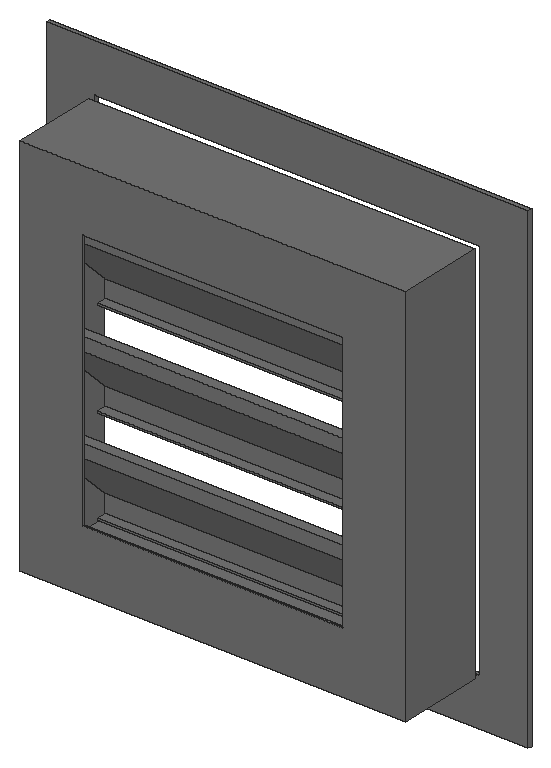
Revit family "Louver - Hollow Metal", category Windows, host Wall, Revit 2020
Family settings
  Host = Wall
  Always vertical = Yes
  Cut with Voids When Loaded = No
  Shared = No
  Room Calculation Point = No
Parameters (values of type "24"w x 24"h")
  Rough Width = Width + 0' 0 1/2"  # 2' - 0 1/2"
  Rough Height = Height + 0' 0 1/2"  # 2' - 0 1/2"
  Louver Material / Color = BFS - Paint - Charred Wood Gray
  Louvers = Height / 0' 6" - 2  # 2
  Louver Width = Width - 0' 1 3/4"  # 1' - 10 1/4"
  Louver Type Mark = 1
  Louver Type = "HM"
  Height = 2' - 0"
  Define Thermal Properties by = Schematic Type
  Default Sill Height = 3' - 0"
  Trim Projection = 0' - 0 1/4"
  Trim Width = 0' - 3"
  Wall Closure = By host
  Width = 2' - 0"
  Assembly Code = ""
  Analytic Construction = "<None>"
Reference planes (in)
  plane 1: y = 0
  plane 2 "Center (Left/Right)": x = 0
  plane 3 "Left": x = -12
  plane 4 "Right": x = 12
  plane 5 "Bottom": z = 36
  plane 6 "Top": z = 60
  plane 7 "Exterior": y = 3
  plane 8 "Interior": y = -3
Forms (in)
  Extrusion 1, solid, material "BFS - Paint - Charred Wood Gray" <- "Louver Material / Color"
    sketch origin (90, 3, 0) x (-1, 0, 0) y (0, 0, 1)
      loop
        line (78, 60) -> (78, 36) -> (102, 36) -> (102, 60) -> (78, 60)
      loop
        line (75, 63) -> (75, 33) -> (105, 33) -> (105, 63) -> (75, 63)
    from 0 to 0.25
  Sweep 2, solid, material "BFS - Paint - Charred Wood Gray" <- "Louver Material / Color"
    path origin (-6.6215, 0, 48) x (0, 0, 1) y (-1, 0, 0)
      loop
        line (-12, 5.3785) -> (-12, -18.6215) -> (12, -18.6215) -> (12, 5.3785) -> (-12, 5.3785)
    profile origin (0, 0, 36) x (0, 0, -1) y (0, -1, 0)
      loop
        line (0, -2.56173) -> (0, 2.8125) -> (-3.8813, 2.8125) -> (-3.8813, 2.6875) -> (-0.875, 2.6875) -> (-0.875, -2.56173) -> (0, -2.56173)
  Sweep 3, solid, material "BFS - Paint - Charred Wood Gray" <- "Louver Material / Color"
    path origin (0, 0, 48) x (0, 0, 1) y (-1, 0, 0)
      loop
        line (-7.3813, -11.125) -> (-7.3813, 11.125)
    profile "Profile - Metal Louver : Profile - Metal Louver" origin (0, 0, 40.6187) x (0, 0, -1) y (0, -1, 0)
      loop
        line (2.35713, -2.79649) -> (3.63223, -2.79649) -> (3.63223, -2.04701) -> (3.50723, -2.04701) -> (3.50723, -2.67149) -> (2.40907, -2.67149) -> (-2.90907, 2.67149) -> (-3.73508, 2.67149) -> (-3.73508, 1.9993) -> (-3.61008, 1.9993) -> (-3.61008, 2.54649) -> (-2.96102, 2.54649) -> (2.35713, -2.79649)
  Sweep 4, solid, material "BFS - Paint - Charred Wood Gray" <- "Louver Material / Color"
    path origin (-6.6215, 0, 54) x (0, 0, 1) y (-1, 0, 0)
      loop
        line (-7.3813, -17.7465) -> (-7.3813, 4.5035)
    profile "Profile - Metal Louver : Profile - Metal Louver" origin (0, 0, 46.6187) x (0, 0, -1) y (0, -1, 0)
      loop
        line (2.35713, -2.79649) -> (3.63223, -2.79649) -> (3.63223, -2.04701) -> (3.50723, -2.04701) -> (3.50723, -2.67149) -> (2.40907, -2.67149) -> (-2.90907, 2.67149) -> (-3.73508, 2.67149) -> (-3.73508, 1.9993) -> (-3.61008, 1.9993) -> (-3.61008, 2.54649) -> (-2.96102, 2.54649) -> (2.35713, -2.79649)
  Sweep 5, solid, material "BFS - Paint - Charred Wood Gray" <- "Louver Material / Color"
    path origin (-6.6215, 0, 60) x (0, 0, 1) y (-1, 0, 0)
      loop
        line (-7.3813, -17.7465) -> (-7.3813, 4.5035)
    profile "Profile - Metal Louver : Profile - Metal Louver" origin (0, 0, 52.6187) x (0, 0, -1) y (0, -1, 0)
      loop
        line (2.35713, -2.79649) -> (3.63223, -2.79649) -> (3.63223, -2.04701) -> (3.50723, -2.04701) -> (3.50723, -2.67149) -> (2.40907, -2.67149) -> (-2.90907, 2.67149) -> (-3.73508, 2.67149) -> (-3.73508, 1.9993) -> (-3.61008, 1.9993) -> (-3.61008, 2.54649) -> (-2.96102, 2.54649) -> (2.35713, -2.79649)
Lines and regions (in)
  Opening 1
    outline origin (-60, -3, 0) x (1, 0, 0) y (0, 0, 1)
      loop
        line (72, 60) -> (48, 60) -> (48, 36) -> (72, 36) -> (72, 60)
Text (in)
  text "EXTERIOR" at (-39.08577, 31.25511, 0), in view "Ref. Level"
  text "INTERIOR" at (-39.08577, -30.14237, 0), in view "Ref. Level"
  text "Exterior" at (0, 47.2975, 123.29936), in view "Left"
  text "Exterior" at (0, 19.21628, 132.11189), in view "Right"
Dimensions and locks (in)
  equal spacing: plane 3 "Left", plane 2 "Center (Left/Right)", plane 4 "Right"
  "Width": plane 3 "Left" to plane 4 "Right"
  "Height": plane 5 "Bottom" to plane 6 "Top"
  "Trim Width": plane 3 "Left" to Extrusion 1 sketch curve
  "Trim Width": plane 6 "Top" to Extrusion 1 sketch curve
  "Trim Width": Extrusion 1 sketch curve to plane 4 "Right"
  "Trim Width": Extrusion 1 sketch curve to plane 5 "Bottom"
  "Trim Projection": Extrusion 1 to Extrusion 1
  "Default Sill Height": level to plane 5 "Bottom"
  locked: plane 7 "Exterior" to host wall
  locked: plane 8 "Interior" to host wall
  "Louver Width": Sweep 2 to Sweep 2
  "Louver Width": Sweep 4 sketch curve to Sweep 4 sketch curve
  "Louver Width": Sweep 5 sketch curve to Sweep 5 sketch curve
  group 1 to group 2 = 0' - 0"  (x2)
  group 1 to group 2 = 0' - 6"
  aligned and locked: plane 6 "Top" to Extrusion 1 sketch curve
  aligned and locked: plane 5 "Bottom" to Extrusion 1 sketch curve
  aligned and locked: Extrusion 1 to host wall
  aligned and locked: plane 5 "Bottom" to nested 1
  aligned and locked: Sweep 2 to plane 6 "Top"
  aligned and locked: plane 5 "Bottom" to Sweep 2 sketch curve
  aligned and locked: plane 3 "Left" to Sweep 2 sketch curve
  aligned and locked: Sweep 2 sketch curve to plane 4 "Right"
  aligned and locked: Sweep 2 sketch curve to plane 6 "Top"
  aligned and locked: Sweep 2 to Sweep 3 sketch curve  (x2)
  aligned and locked: plane 6 "Top" to Opening 1 sketch curve
  aligned and locked: plane 4 "Right" to Opening 1 sketch curve
  aligned and locked: Opening 1 sketch curve to plane 5 "Bottom"
  aligned and locked: Opening 1 sketch curve to plane 3 "Left"
Automatic sketch dimensions
  Extrusion 1 sketch curve to plane 4 "Right" = 0' - 0"
  Extrusion 1 sketch curve to plane 3 "Left" = 0' - 0"
  Sweep 2 sketch curve to profile plane = 0' - 0"
  profile plane to Sweep 2 sketch curve = 0' - 0 7/8"
  Sweep 2 sketch curve to Sweep 2 sketch curve = 0' - 3.0063"
  Sweep 2 sketch curve to profile plane = 0' - 2.56173"
  profile plane to Sweep 2 sketch curve = 0' - 2 11/16"
  Sweep 2 sketch curve to Sweep 2 sketch curve = 0' - 0 1/8"
  Sweep 3 sketch curve to plane 5 "Bottom" = 0' - 4.6187"
Nested families (in)
  nested 1: "Louver_Section" at (0, 0, 48) x (0, -1, 0) z (-1, 0, 0), type "Louver Section - Sill"
Definition of nested family "Louver_Section"
  Parameters
    Louvers = Side Frame Height / 0' 6" - 2  # 2
    Side Frame Height = 2' - 0"
  Reference planes (in)
    plane 1: y = 0
    plane 2: z = 0
    plane 3 "Center (Left/Right)": x = 0
    plane 4: x = -3
    plane 5: x = 3
    plane 6: y = -12
    plane 7: y = 6
    plane 8: y = 12, in view "Ground floor"
  Lines and regions (in)
    detail lines, in view "Ground floor"
      curve 1: line (2.8125, -3.67024, 0) -> (2.8125, -4.34556, 0)
      curve 2: line (2.8125, -4.34556, 0) -> (-2.78048, -9.91255, 0)
      curve 3: line (-2.78048, -9.91255, 0) -> (-2.78048, -12, 0)
      curve 4: line (-2.78048, -10.91255, 0) -> (-2.031, -10.91255, 0)
      curve 5: line (2.8125, -3.67024, 0) -> (2.14031, -3.67024, 0)
      curve 6: line (3, 12, 0) -> (3, -12, 0)
      curve 7: line (-3, -12, 0) -> (3, -12, 0)
      curve 8: line (-3, -12, 0) -> (-3, 12, 0)
      curve 9: line (2.875, -12, 0) -> (2.875, 12, 0)
      curve 10: line (-2.875, 12, 0) -> (-2.875, -12, 0)
      curve 11: line (2.8125, 2.32976, 0) -> (2.8125, 1.65444, 0)
      curve 12: line (2.8125, 1.65444, 0) -> (-2.78048, -3.91255, 0)
      curve 13: line (-2.78048, -3.91255, 0) -> (-2.78048, -4.91255, 0)
      curve 14: line (-2.78048, -4.91255, 0) -> (-2.031, -4.91255, 0)
      curve 15: line (2.8125, 2.32976, 0) -> (2.14031, 2.32976, 0)
      curve 16: line (-3, -12, 0) -> (3, -12, 0)
      curve 17: line (-2.56173, -12, 0) -> (-2.56173, -11.1313, 0)
      curve 18: line (-2.56173, -11.1313, 0) -> (2.8125, -11.1313, 0)
      curve 19: line (2.8125, -8.125, 0) -> (2.8125, -12, 0)
      curve 20: line (-3, 12, 0) -> (3, 12, 0)
      curve 21: line (2.8125, 8.32976, 0) -> (2.8125, 7.65444, 0)
      curve 22: line (2.8125, 7.65444, 0) -> (-2.78048, 2.08745, 0)
      curve 23: line (-2.78048, 2.08745, 0) -> (-2.78048, 1.08745, 0)
      curve 24: line (-2.78048, 1.08745, 0) -> (-2.031, 1.08745, 0)
      curve 25: line (2.8125, 8.32976, 0) -> (2.14031, 8.32976, 0)
      curve 26: line (-2.78048, 9.91255, 0) -> (-2.78048, 12, 0)
      curve 27: line (-2.78048, 10.91255, 0) -> (-2.031, 10.91255, 0)
      curve 28: line (-2.56173, 12, 0) -> (-2.56173, 11.1313, 0)
      curve 29: line (-2.56173, 11.1313, 0) -> (2.8125, 11.1313, 0)
      curve 30: line (2.8125, 8.125, 0) -> (2.8125, 12, 0)
    detail lines, in view "Ground floor", not visible
      curve 31: line (-2.56173, 12, 0) -> (-2.56173, 11.1313, 0)
      curve 32: line (-2.56173, 11.1313, 0) -> (2.8125, 11.1313, 0)
      curve 33: line (2.8125, 8.125, 0) -> (2.8125, 12, 0)
  Dimensions and locks (in)
    group 1 to group 2 = 0' - 0"
    group 1 to group 2 = 0' - 6"
    "Side Frame Height": plane 6 to plane 8
    locked: curve 29 to curve 20 at 0.8687
    locked: curve 27 to curve 29 at 0.21875
    locked: curve 26 to curve 27 at 1
    locked: curve 30 to curve 29 at 3.0063
    aligned and locked: curve 7 to curve 10
    aligned and locked: curve 8 to plane 4
    aligned and locked: curve 6 to plane 5
    aligned and locked: curve 16 to plane 6
    aligned and locked: curve 20 to plane 8
  Automatic sketch dimensions
    curve 8 to curve 10 = 0' - 0 1/8"
    plane 4 to curve 23 = 0' - 0.21952"
    plane 4 to curve 4 = 0' - 0.21952"
    plane 4 to curve 14 = 0' - 0.21952"
    plane 4 to curve 26 = 0' - 0.21952"
    curve 4 to curve 17 = 0' - 0 7/32"
    curve 26 to curve 28 = 0' - 0 7/32"
    curve 23 to curve 24 = 0' - 0.74948"
    curve 17 to curve 4 = 0' - 0.53073"
    curve 28 to curve 27 = 0' - 0.53073"
    curve 13 to curve 14 = 0' - 0.74948"
    curve 25 to plane 5 = 0' - 0.85969"
    curve 5 to plane 5 = 0' - 0.85969"
    curve 15 to plane 5 = 0' - 0.85969"
    curve 1 to plane 5 = 0' - 0 3/16"
    curve 19 to plane 5 = 0' - 0 3/16"
    curve 29 to plane 5 = 0' - 0 3/16"
    curve 21 to plane 5 = 0' - 0 3/16"
    curve 15 to plane 5 = 0' - 0 3/16"
    curve 30 to curve 9 = 0' - 0 1/16"
    curve 18 to plane 6 = 0' - 0.8687"
    curve 17 to curve 4 = 0' - 0 7/32"
    curve 4 to curve 3 = 0' - 1"
    curve 18 to curve 19 = 0' - 3.0063"
    plane 1 to curve 14 = 0' - 4.91255"
    curve 19 to curve 2 = 0' - 3.77944"
    curve 13 to curve 13 = 0' - 1"
    curve 1 to curve 5 = 0' - 0.67533"
    curve 23 to plane 1 = 0' - 1.08745"
    curve 11 to plane 1 = 0' - 1.65444"
    curve 23 to curve 23 = 0' - 1"
    curve 11 to curve 15 = 0' - 0.67533"
    curve 21 to curve 30 = 0' - 0.47056"
    curve 21 to curve 21 = 0' - 0.67533"
